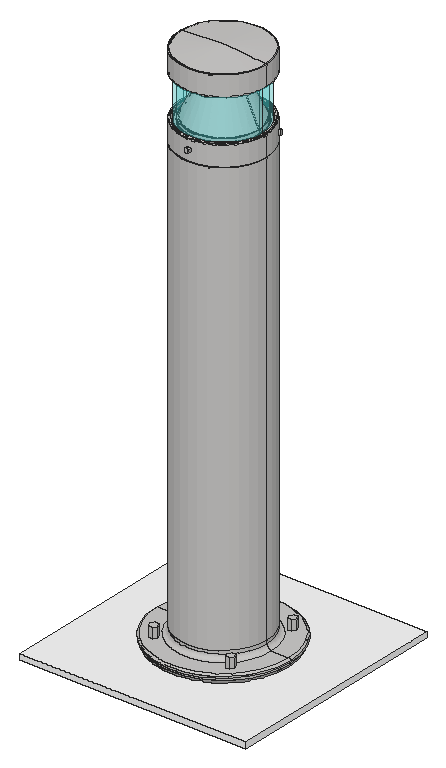
Revit family "BE_88060_de_DE", category Leuchten, Revit 2015
Parameters (values of type "BEGA_88060_K4")
  built-in parameter 1150104 = 12.102 (stored number, unit not read)
  Windangriffsfläche = ""
  Werkzeuglos = ""
  Wattage = 11.4 W
  Default Elevation = 0 mm
  built-in parameter 1150113 = 1 (stored number, unit not read)
  built-in parameter 1114218 = 1 (stored number, unit not read)
  Umgebungstemperatur = ""
  URL = "http://www.bega.de/produkt/88060"
  Typenkommentare = "© 2015 BEGA. Wir behalten uns das Recht vor, technische Änderungen ohne vorherige Ankündigung vorzunehmen."  # constant formula
  Type Image = 88060.png
  built-in parameter 1150134 = 12
  built-in parameter 1150109 = 1 (stored number, unit not read)
  Strom = ""
  built-in parameter 1150110 = 1 (stored number, unit not read)
  Spannung = 0 V
  Sonderanfertigung = no
  Seriennummer [instance] = "Hier können Sie die eindeutige Seriennummer für das Facility Management eintragen."
  Schutzklasse = "I"
  Schutzart = "IP 65"
  Scheinlast = 0 VA
  Produktdatenblatt = "http://www.bega.de/download/datenblaetter/de/88060.pdf"
  Oberflächentemperatur = ""
  Neigungswinkel = 0.00°
  Modell = "88060K4"
  Material_17 = BEGA_Reflektor
  Material_15 = BEGA_Leuchtmedium_matt
  Material_11 = BEGA_Glas_opal
  Material_09 = BEGA_Glas_klar
  Material_06 = BEGA_Oberfläche_Edelstahl_gebürstet
  M_W = no
  M_G = no
  M_A = no
  Logo = 0
  built-in parameter 1114217 = 1 (stored number, unit not read)
  built-in parameter 1150139 = (empty or 0)
  built-in parameter 1150105 = 118.17 (stored number, unit not read)
  built-in parameter 1150114 = 1 (stored number, unit not read)
  Lumens = 1484.96 lm
  built-in parameter 1150115 = 1 (stored number, unit not read)
  Leuchtenlichtstrom = "685 lm"
  Leuchtenanzahl = ""
  Lebensdauerkriterien = "L70 = 50.000 h"
  Lastklassifizierung = Beleuchtung
  built-in parameter 1150112 = 1 (stored number, unit not read)
  Lampenlichtstrom = "1485 lm"
  Lampe = "LED 11.4 W"
  LED_Modulbezeichnung = "LED-0382/840"
  built-in parameter 1150142 = (empty or 0)
  Hersteller = "BEGA"  # constant formula
  Halbstreuwinkel = ""
  Gewicht = "12.0 kg"
  Gebrauchslageneinschränkung [instance] = ""
  Frequenz = "0/50-60 Hz"
  Farbwiedergabeindex = "Ra > 80"
  Farbtemperaturverschiebung bei Dämpfen der Lampe = <Keine Auswahl>
  Farbtemperatur = "4000 K"
  Color Filter = 16777215
  Erdstücklänge_E = ""
  Erdstück [instance] = no
  built-in parameter 1150133 = 10 (stored number, unit not read)
  Energieeffizienzklasse = "LED A++ - A"
  Einstecktiefe = ""
  built-in parameter 1150137 = (empty or 0)
  built-in parameter 1150132 = (empty or 0)
  Einbau_in_Wärmedämmung = ""
  ENEC = ""
  Datei für fotometrisches Netz = "BE_88060K4.IES"
  CE_Konformität = "ja"
  Bestellnummer_Erdstück [instance] = if(Erdstück, "70896", "---")  # "---"
  Bestellnummer = "88060K4"
  Beschreibung_Sonderanfertigung = "Hier können Sie Informationen zur Sonderanfertigung eintragen."
  Beschreibung = "Pollerleuchte"
  built-in parameter 1150106 = 1.1817 (stored number, unit not read)
  Belastbarkeit [instance] = ""
  Befestigungsbohrung = ""
  Befestigungsabstand = ""
  Ballwurfsicher = ""
  BEGA_Intern_aus = yes
  BEGA_Intern_an = yes
  BEGA_Intern_Konstruktion = yes
  BEGA_Intern = yes
  BEGA_IES3 = yes
  BEGA_IES2 = yes
  BEGA_IES1 = yes
  BEGA_IES = yes
  BEGA_Dummy = no
  Anschlussleitung = ""
  Anschlussleistung [instance] = "13.5 W"
  built-in parameter 1150107 = 4000 (stored number, unit not read)
  built-in parameter 1150102 = (empty or 0)
  built-in parameter 1150138 = (empty or 0)
  Aktualisierung = "2016-02-24T04:08:56"
  Abstand_zur_angestrahlten_Fläche [instance] = ""
  AC/DC = "AC/DC"
Types (3, lengths in mm): name | built-in parameter 1150104 | built-in parameter 1150134 | Modell | built-in parameter 1150105 | Lumens | Leuchtenlichtstrom | Lampenlichtstrom | LED_Modulbezeichnung | Farbtemperatur | Datei für fotometrisches Netz | Bestellnummer | built-in parameter 1150106 | built-in parameter 1150107
  (no name) | 12.102 (stored number, unit not read) | 12 | "88060K4" | 118.17 (stored number, unit not read) | 1484.96 lm | "685 lm" | "1485 lm" | "LED-0382/840" | "4000 K" | "BE_88060K4.IES" | "88060K4" | 1.1817 (stored number, unit not read) | 4000 (stored number, unit not read)
  BEGA_88060_K3 | 11.409 (stored number, unit not read) | (empty or 0) | "88060" | 111.41 (stored number, unit not read) | 1400.03 lm | "646 lm" | "1400 lm" | "LED-0382/830" | "3000 K" | "BE_88060.IES" | "88060" | 1.1141 (stored number, unit not read) | 3000 (stored number, unit not read)
  BEGA_88060_K4 | 12.102 (stored number, unit not read) | 12 | "88060K4" | 118.17 (stored number, unit not read) | 1484.96 lm | "685 lm" | "1485 lm" | "LED-0382/840" | "4000 K" | "BE_88060K4.IES" | "88060K4" | 1.1817 (stored number, unit not read) | 4000 (stored number, unit not read)
Reference planes
  plane 1 "Mitte (Vorne/Hinten)": y = 0
  plane 2: z = 0
  plane 3 "Mitte (Links/Rechts)": x = 0
  plane 4 "Links": x = -119.5
  plane 5 "Rechts": x = 119.5
  plane 6 "Unten": y = -119.5
  plane 7 "Oben": y = 119.5
  plane 8 "Vorne": z = 949.789
Forms (mm)
  Extrusion 1, solid, material "BEGA_Platte_Weiss"
    sketch origin (0, -1119.2, 0) x (1, 0, 0) y (0, 1, 0)
      loop
        line (-200, 1319.2) -> (-200, 919.2) -> (200, 919.2) -> (200, 1319.2) -> (-200, 1319.2)
    from 0 to -10
  Extrusion 2, solid, material "BEGA_Dummy_matt", visible <- "BEGA_Dummy"
    sketch origin (77.149, -76.023, 0) x (1, 0, 0) y (0, 1, 0)
      loop
        circle (-77.149, 76.023) r 119.5
    from 0 to 949.789
Dimensions and locks
  plane 1 "Mitte (Vorne/Hinten)" to Extrusion 1 = 200 mm
  aligned and locked: plane 2 to Extrusion 1
  aligned and locked: level to Extrusion 1
Nested families
  nested 1: "BE_88060" at (0, 0, 0), type "BE_88060"
Connectors
  electrical at (0, 0, 0), driven by "Lastklassifizierung", driven by "Spannung", driven by "Scheinlast"
    settings: index 1, voltage 0 V, apparent load 0 VA, apparent load phase1 0 VA, apparent load phase2 0 VA, apparent load phase3 0 VA, power factor 1, load classification "Beleuchtung", number of poles 1, system type 31, power factor state 1, is connector primary yes, connector utility no, sub classification motor no, connector description ""
Definition of nested family "BE_88060"
  Parameters (values of type "BE_88060")
    Default Elevation = 1 mm
    URL = "http://www.bega.de/de/produkt"
    Type Comments = "© 2015 BEGA. Wir behalten uns das Recht vor, technische Änderungen ohne vorherige Ankündigung vorzunehmen. "  # constant formula
    Type Image = (empty or 0)
    Material_17 = none
    Material_15 = none
    Material_11 = none
    Material_09 = none
    Material_06 = none
    Material_03 = none
    Material_02 = none
    Material_01 = none
    M_W = yes
    M_G = yes
    M_A = yes
    Länge_Platte = 200 mm  # constant formula
    Höhe_Platte = -10 mm  # constant formula
    Manufacturer = "BEGA"  # constant formula
    Breite_Platte = 200 mm  # constant formula
  Reference planes
    plane 1 "Mitte (Oben/Unten)": y = 0
    plane 2: z = 0
    plane 3 "Mitte (Links/Rechts)": x = 0
    plane 4 "Hinten": z = 949.789
    plane 5 "Links": x = -119.5
    plane 6: x = 119.5
    plane 7: y = 119.5
    plane 8: y = -119.5
  Forms (mm)
    Extrusion 1, solid, detail levels medium
      sketch origin (0, 0, 0) x (1, 0, 0) y (0, 1, 0)
        loop
          line (-100, 100) -> (-100, -100) -> (100, -100) -> (100, 100) -> (-100, 100)
      from 0 to -10 <- "Höhe_Platte"
    Revolve 2, solid, material <- "Material_06", detail levels medium+fine
      sketch origin (0, 0, 0) x (1, 0, 0) y (0, 0, 1)
        loop
          line (-117, 10.5) -> (-117, 5.498)
          arc (-117, 5.498) -> (-115.445, 1.666) -> (-111.661, 0) r 5.5
          line (-111.661, 0) -> (-37.36, 0)
          arc (-37.36, 0) -> (-35.637, 0.343) -> (-34.178, 1.318) r 4.5
          line (-34.178, 1.318) -> (-31.095, 4.405)
          arc (-31.095, 4.405) -> (-30.445, 4.844) -> (-29.676, 5) r 2
          line (-29.676, 5) -> (-20, 5) -> (-20, 7.5) -> (-29.681, 7.5)
          arc (-29.681, 7.5) -> (-31.387, 7.16) -> (-32.837, 6.198) r 4.5
          line (-32.837, 6.198) -> (-35.95, 3.086)
          arc (-35.95, 3.086) -> (-36.597, 2.653) -> (-37.36, 2.5) r 2
          line (-37.36, 2.5) -> (-111.385, 2.5)
          arc (-111.385, 2.5) -> (-113.58, 3.338) -> (-114.5, 5.5) r 3
          line (-114.5, 5.5) -> (-114.5, 10.5) -> (-117, 10.5)
        axis (0, 10.5) -> (0, 0)
      angle from 0 to 360
    Revolve 3, solid, material <- "Material_06", detail levels medium+fine
      sketch origin (0, 0, 0) x (1, 0, 0) y (0, 0, 1)
        loop
          line (-119.5, 10.5) -> (-84.995, 10.5)
          arc (-84.995, 10.5) -> (-75.223, 14.475) -> (-71, 24.142) r 14
          line (-71, 24.142) -> (-71, 60.5) -> (-74, 60.5) -> (-74, 30.5) -> (-76.504, 30.5) -> (-76.504, 24.5)
          arc (-76.504, 24.5) -> (-78.993, 18.49) -> (-85.004, 16) r 8.5
          line (-85.004, 16) -> (-116.5, 16) -> (-119.5, 13) -> (-119.5, 10.5)
        axis (0, 60.5) -> (0, 10.5)
      angle from 0 to 360
    Revolve 4, solid, material <- "Material_06", detail levels medium+fine
      sketch origin (0, 0, 0) x (1, 0, 0) y (0, 0, 1)
        loop
          line (-77, 795.5) -> (-77, 30.5) -> (-75, 30.5) -> (-75, 795.5) -> (-77, 795.5)
        axis (0, 30.5) -> (0, 795.5)
      angle from 0 to 360
    Revolve 5, solid, material <- "Material_06", detail levels medium+fine
      sketch origin (0, 0, 0) x (1, 0, 0) y (0, 0, 1)
        loop
          line (-75.75, 795.5) -> (-74.8, 795.5) -> (-74.8, 792.057) -> (-73.5, 792.057) -> (-73.5, 807.5) -> (-74.8, 807.5) -> (-74.8, 797.5) -> (-75.75, 797.5) -> (-75.75, 795.5)
        axis (0, 792.057) -> (0, 807.5)
      angle from 0 to 360
    Revolve 6, solid, material <- "Material_06", detail levels medium+fine
      sketch origin (0, 0, 0) x (1, 0, 0) y (0, 0, 1)
        loop
          line (-77, 832.246) -> (-77, 797.5) -> (-75, 797.5) -> (-75, 832.25)
          arc (-75, 832.25) -> (-74.78, 832.78) -> (-74.25, 833) r 0.75
          arc (-74.25, 833) -> (-73.72, 832.78) -> (-73.5, 832.25) r 0.75
          line (-73.5, 832.25) -> (-73.5, 830)
          arc (-73.5, 830) -> (-72.621, 827.879) -> (-70.5, 827) r 3
          line (-70.5, 827) -> (-65.5, 827)
          arc (-65.5, 827) -> (-63.379, 827.879) -> (-62.5, 830) r 3
          line (-62.5, 830) -> (-62.5, 835.5) -> (-64.5, 835.5) -> (-64.5, 830)
          arc (-64.5, 830) -> (-64.793, 829.293) -> (-65.5, 829) r 1
          line (-65.5, 829) -> (-70.5, 829)
          arc (-70.5, 829) -> (-71.207, 829.293) -> (-71.5, 830) r 1
          line (-71.5, 830) -> (-71.5, 832.259)
          arc (-71.5, 832.259) -> (-71.663, 833.184) -> (-72.129, 834) r 2.75
          line (-72.129, 834) -> (-76.84, 833.169)
          arc (-76.84, 833.169) -> (-76.96, 832.715) -> (-77, 832.246) r 2.75
        axis (0, 797.5) -> (0, 835.5)
      angle from 0 to 360
    Revolve 7, solid, material <- "Material_06", detail levels medium+fine
      sketch origin (0, 0, 0) x (1, 0, 0) y (0, 0, 1)
        loop
          line (-62.5, 905.5) -> (-62.5, 911)
          arc (-62.5, 911) -> (-63.379, 913.121) -> (-65.5, 914) r 3
          line (-65.5, 914) -> (-70.5, 914)
          arc (-70.5, 914) -> (-72.621, 913.121) -> (-73.5, 911) r 3
          line (-73.5, 911) -> (-73.5, 908.75)
          arc (-73.5, 908.75) -> (-74.302, 907.948) -> (-75.104, 908.75) r 0.802
          line (-75.104, 908.75) -> (-74.704, 941.5) -> (-75.5, 941.5) -> (-75.5, 943.5) -> (-77, 943.5) -> (-77, 908.742)
          arc (-77, 908.742) -> (-76.96, 908.28) -> (-76.842, 907.831) r 2.75
          line (-76.842, 907.831) -> (-72.126, 907)
          arc (-72.126, 907) -> (-71.661, 907.818) -> (-71.5, 908.746) r 2.75
          line (-71.5, 908.746) -> (-71.5, 911)
          arc (-71.5, 911) -> (-71.207, 911.707) -> (-70.5, 912) r 1
          line (-70.5, 912) -> (-65.5, 912)
          arc (-65.5, 912) -> (-64.793, 911.707) -> (-64.5, 911) r 1
          line (-64.5, 911) -> (-64.5, 905.5) -> (-62.5, 905.5)
        axis (0, 905.5) -> (0, 943.5)
      angle from 0 to 360
    Revolve 8, solid, material <- "Material_06", detail levels medium+fine
      sketch origin (0, 0, 0) x (1, 0, 0) y (0, 0, 1)
        loop
          line (-75.5, 941.5) -> (0, 946.779) -> (0, 949.787) -> (-75.5, 944.507) -> (-75.5, 941.5)
        axis (0, 949.787) -> (0, 941.5)
      angle from 0 to 360
    Revolve 9, solid, material <- "Material_17", detail levels medium+fine
      sketch origin (0, 0, 0) x (1, 0, 0) y (0, 0, 1)
        loop
          line (-63, 827) -> (-74.5, 827) -> (-74.5, 825) -> (-63, 825)
          arc (-63, 825) -> (-60.879, 825.879) -> (-60, 828) r 3
          line (-60, 828) -> (-60, 835.2) -> (-25.25, 907.567) -> (-26.749, 909.066) -> (-62, 835.655) -> (-62, 828)
          arc (-62, 828) -> (-62.293, 827.293) -> (-63, 827) r 1
        axis (0, 825) -> (0, 909.066)
      angle from 0 to 360
    Revolve 10, solid, material <- "Material_17", detail levels medium+fine
      sketch origin (0, 0, 0) x (1, 0, 0) y (0, 0, 1)
        loop
          line (-26.5, 909) -> (-25.397, 909) -> (-25.397, 904) -> (-24.5, 904) -> (-24.5, 907.972)
          arc (-24.5, 907.972) -> (-15.555, 917.134) -> (-10.01, 928.675) r 39.5
          line (-10.01, 928.675) -> (-9.722, 936.93) -> (-11.721, 937) -> (-12, 929)
          arc (-12, 929) -> (-17.556, 917.772) -> (-26.5, 909) r 37.5
        axis (0, 904) -> (0, 937)
      angle from 0 to 360
    Revolve 11, solid, material <- "Material_17", detail levels medium+fine
      sketch origin (0, 0, 0) x (1, 0, 0) y (0, 0, 1)
        loop
          line (-61.569, 910.191) -> (-61.733, 905.5) -> (-64.25, 905.5) -> (-64.25, 904.699) -> (-62.5, 904.699)
          arc (-62.5, 904.699) -> (-61.608, 905.059) -> (-61.216, 905.936) r 1.285
          line (-61.216, 905.936) -> (-61.075, 910)
          arc (-61.075, 910) -> (-47.02, 923.598) -> (-30.588, 934.2) r 100
          line (-30.588, 934.2) -> (-23, 934.2) -> (-23, 935) -> (-30.119, 935)
          arc (-30.119, 935) -> (-47.093, 924.178) -> (-61.569, 910.191) r 100.5
        axis (0, 904.699) -> (0, 935)
      angle from 0 to 360
    Revolve 12, solid, material <- "Material_09", detail levels medium+fine
      sketch origin (0, 0, 0) x (1, 0, 0) y (0, 0, 1)
        loop
          line (-65, 829) -> (-65, 912) -> (-70, 912) -> (-70, 829) -> (-65, 829)
        axis (0, 829) -> (0, 912)
      angle from 0 to 360
    Revolve 13, solid, material <- "Material_15", detail levels medium+fine
      sketch origin (0, 0, 0) x (1, 0, 0) y (0, 0, 1)
        loop
          line (-19.409, 936.214) -> (-19.409, 935.39) -> (-11.978, 935.39) -> (-11.978, 936.214) -> (-19.409, 936.214)
        axis (0, 936.214) -> (0, 935.214)
      angle from 0 to 360
    Revolve 14, solid, material <- "Material_06", detail levels fine
      sketch origin (0, 0, 0) x (0, 1, 0) y (0, 0, 1)
        loop
          line (-81.157, 820) -> (-81.157, 816) -> (-76.437, 816) -> (-76.437, 820) -> (-81.157, 820)
        axis (-76.437, 816) -> (-81.157, 816)
      angle from 0 to 360
    Revolve 15, solid, material <- "Material_06", detail levels fine
      sketch origin (0, 0, 0) x (-0.866025, -0.5, 0) y (0, 0, 1)
        loop
          line (-81.157, 820) -> (-81.157, 816) -> (-76.437, 816) -> (-76.437, 820) -> (-81.157, 820)
        axis (-76.437, 816) -> (-81.157, 816)
      angle from 0 to 360
    Revolve 16, solid, material <- "Material_06", detail levels fine
      sketch origin (0, 0, 0) x (0.866025, -0.5, 0) y (0, 0, 1)
        loop
          line (-81.157, 820) -> (-81.157, 816) -> (-76.437, 816) -> (-76.437, 820) -> (-81.157, 820)
        axis (-76.437, 816) -> (-81.157, 816)
      angle from 0 to 360
    Extrusion 17, solid, material <- "Material_06", detail levels fine
      sketch origin (0, 0, 0) x (1, 0, 0) y (0, 1, 0)
        loop
          line (-72.342, -62.089) -> (-76.095, -68.589) -> (-72.342, -75.089) -> (-64.837, -75.089) -> (-61.084, -68.589) -> (-64.837, -62.089) -> (-72.342, -62.089)
        loop
          line (64.837, -62.089) -> (61.084, -68.589) -> (64.837, -75.089) -> (72.342, -75.089) -> (76.095, -68.589) -> (72.342, -62.089) -> (64.837, -62.089)
        loop
          line (-72.342, 62.089) -> (-64.837, 62.089) -> (-61.084, 68.589) -> (-64.837, 75.089) -> (-72.342, 75.089) -> (-76.095, 68.589) -> (-72.342, 62.089)
        loop
          line (64.837, 62.089) -> (72.342, 62.089) -> (76.095, 68.589) -> (72.342, 75.089) -> (64.837, 75.089) -> (61.084, 68.589) -> (64.837, 62.089)
      from 16 to 34
    Extrusion 18, void
      sketch origin (0, 0, 0) x (1, 0, 0) y (0, 1, 0)
        loop
          circle (-100, 0) r 5.5
        loop
          circle (0, 100) r 5.5
        loop
          circle (100, 0) r 5.5
        loop
          circle (0, -100) r 5.5
        loop
          circle (-57.158, -33) r 4.5
        loop
          circle (57.158, -33) r 4.5
        loop
          circle (0, 66) r 4.5
      from 0 to 5.5
  Cuts and joins
    Extrusion 18 cuts Revolve 2
    Extrusion 18 cuts Revolve 3
  Dimensions and locks
    equal spacing: Extrusion 1 sketch curve, plane 3 "Mitte (Links/Rechts)", Extrusion 1 sketch curve
    equal spacing: Extrusion 1 sketch curve, plane 1 "Mitte (Oben/Unten)", Extrusion 1 sketch curve
    "Länge_Platte": Extrusion 1 sketch curve to Extrusion 1 sketch curve
    "Breite_Platte": Extrusion 1 sketch curve to Extrusion 1 sketch curve
    aligned and locked: plane 2 to Extrusion 1
    aligned and locked: level to Extrusion 1
  Automatic sketch dimensions
    Revolve 2 sketch curve to Revolve 2 sketch curve = 0 mm  (x10)
    Revolve 2 sketch curve to plane 3 "Mitte (Links/Rechts)" = 0 mm
    Revolve 2 sketch curve to plane 3 "Mitte (Links/Rechts)" = 20 mm
    Revolve 2 sketch curve to Revolve 2 sketch curve = 0.004 mm  (x2)
    Revolve 2 sketch curve to Revolve 2 sketch curve = 0.005 mm  (x2)
    level to Revolve 2 sketch curve = 4.405 mm
    Revolve 2 sketch curve to Revolve 2 sketch curve = 1.42 mm
    Revolve 2 sketch curve to Revolve 2 sketch curve = 1.742 mm
    Revolve 2 sketch curve to level = 0 mm
    Revolve 2 sketch curve to Revolve 2 sketch curve = 6.264 mm
    level to Revolve 2 sketch curve = 5.498 mm
    Revolve 2 sketch curve to Revolve 2 sketch curve = 74.136 mm
    Revolve 2 sketch curve to Revolve 2 sketch curve = 0.161 mm
    Revolve 2 sketch curve to Revolve 2 sketch curve = 2.5 mm
    level to Revolve 2 sketch curve = 2.5 mm
    Revolve 2 sketch curve to Revolve 2 sketch curve = 2 mm
    Revolve 2 sketch curve to Revolve 2 sketch curve = 0.002 mm  (x2)
    Revolve 2 sketch curve to Revolve 2 sketch curve = 5.002 mm
    level to Revolve 2 sketch curve = 1.318 mm  (x2)
    level to Revolve 2 sketch curve = 3.086 mm
    Revolve 2 sketch curve to Revolve 2 sketch curve = 1.41 mm
    Revolve 2 sketch curve to Revolve 2 sketch curve = 0.276 mm
    Revolve 2 sketch curve to level = 7.5 mm
    Revolve 2 sketch curve to Revolve 2 sketch curve = 25 mm
    Revolve 2 sketch curve to Revolve 2 sketch curve = 1.405 mm
    Revolve 2 sketch curve to Revolve 2 sketch curve = 1.793 mm
    Revolve 2 sketch curve to Revolve 2 sketch curve = 9.672 mm
    Revolve 3 sketch curve to plane 3 "Mitte (Links/Rechts)" = 0 mm
    Revolve 3 sketch curve to plane 3 "Mitte (Links/Rechts)" = 71 mm
    Revolve 3 sketch curve to Revolve 3 sketch curve = 3 mm  (x3)
    Revolve 3 sketch curve to Revolve 3 sketch curve = 2.504 mm
    Revolve 3 sketch curve to Revolve 3 sketch curve = 8.492 mm
    Revolve 3 sketch curve to Revolve 3 sketch curve = 0.008 mm
    level to Revolve 3 sketch curve = 16 mm
    Revolve 3 sketch curve to Revolve 3 sketch curve = 31.496 mm
    Revolve 3 sketch curve to Revolve 3 sketch curve = 2.5 mm
    Revolve 3 sketch curve to Revolve 3 sketch curve = 0.358 mm
    Revolve 3 sketch curve to Revolve 3 sketch curve = 6 mm
    Revolve 3 sketch curve to Revolve 3 sketch curve = 30 mm
    level to Revolve 3 sketch curve = 37.562 mm
    Revolve 3 sketch curve to Revolve 3 sketch curve = 15 mm
    Revolve 4 sketch curve to plane 3 "Mitte (Links/Rechts)" = 0 mm
    level to Revolve 4 sketch curve = 30.5 mm
    Revolve 4 sketch curve to plane 3 "Mitte (Links/Rechts)" = 75 mm
    Revolve 4 sketch curve to Revolve 4 sketch curve = 2 mm
    Revolve 4 sketch curve to level = 49.5 mm
    Revolve 5 sketch curve to plane 3 "Mitte (Links/Rechts)" = 0 mm
    Revolve 5 sketch curve to plane 3 "Mitte (Links/Rechts)" = 73.5 mm
    Revolve 5 sketch curve to Revolve 5 sketch curve = 1.3 mm
    Revolve 5 sketch curve to Revolve 5 sketch curve = 0 mm
    Revolve 5 sketch curve to Revolve 5 sketch curve = 0.95 mm
    Revolve 5 sketch curve to Revolve 5 sketch curve = 3.443 mm
    Revolve 5 sketch curve to Revolve 5 sketch curve = 2 mm
    Revolve 5 sketch curve to Revolve 5 sketch curve = 10 mm
    Revolve 5 sketch curve to Revolve 5 sketch curve = 10.871 mm
    Revolve 5 sketch curve to Revolve 5 sketch curve = 35 mm
    Revolve 6 sketch curve to Revolve 6 sketch curve = 0 mm  (x31)
    Revolve 6 sketch curve to plane 3 "Mitte (Links/Rechts)" = 0 mm
    Revolve 6 sketch curve to plane 3 "Mitte (Links/Rechts)" = 62.5 mm
    Revolve 6 sketch curve to Revolve 6 sketch curve = 2 mm  (x2)
    Revolve 6 sketch curve to Revolve 6 sketch curve = 1 mm  (x2)
    Revolve 6 sketch curve to Revolve 6 sketch curve = 5 mm
    Revolve 6 sketch curve to Revolve 6 sketch curve = 0.629 mm
    Revolve 6 sketch curve to Revolve 6 sketch curve = 2.75 mm
    Revolve 6 sketch curve to Revolve 6 sketch curve = 4.5 mm
    Revolve 6 sketch curve to Revolve 6 sketch curve = 1.84 mm
    Revolve 6 sketch curve to Revolve 6 sketch curve = 0.16 mm
    Revolve 6 sketch curve to Revolve 6 sketch curve = 31.5 mm
    Revolve 6 sketch curve to Revolve 6 sketch curve = 2.246 mm
    Revolve 6 sketch curve to Revolve 6 sketch curve = 0.004 mm
    Revolve 6 sketch curve to Revolve 6 sketch curve = 2.258 mm
    Revolve 6 sketch curve to Revolve 6 sketch curve = 5.5 mm
    Revolve 6 sketch curve to Revolve 6 sketch curve = 25 mm
    Revolve 6 sketch curve to Revolve 6 sketch curve = 60 mm
    Revolve 7 sketch curve to plane 3 "Mitte (Links/Rechts)" = 0 mm
    Revolve 7 sketch curve to plane 3 "Mitte (Links/Rechts)" = 62.5 mm
    Revolve 7 sketch curve to Revolve 7 sketch curve = 2 mm  (x3)
    Revolve 7 sketch curve to Revolve 7 sketch curve = 1 mm  (x2)
    Revolve 7 sketch curve to Revolve 7 sketch curve = 0 mm  (x17)
    Revolve 7 sketch curve to Revolve 7 sketch curve = 5 mm  (x2)
    Revolve 7 sketch curve to Revolve 7 sketch curve = 0.626 mm
    Revolve 7 sketch curve to Revolve 7 sketch curve = 0.75 mm
    Revolve 7 sketch curve to Revolve 7 sketch curve = 0.052 mm
    Revolve 7 sketch curve to Revolve 7 sketch curve = 4.204 mm
    Revolve 7 sketch curve to Revolve 7 sketch curve = 0.796 mm
    Revolve 7 sketch curve to Revolve 7 sketch curve = 1.738 mm
    Revolve 7 sketch curve to Revolve 7 sketch curve = 1.5 mm
    Revolve 7 sketch curve to Revolve 7 sketch curve = 1.499 mm
    Revolve 7 sketch curve to Revolve 7 sketch curve = 0.915 mm
    Revolve 7 sketch curve to Revolve 7 sketch curve = 0.911 mm
    Revolve 7 sketch curve to Revolve 7 sketch curve = 5.5 mm
    Revolve 7 sketch curve to Revolve 7 sketch curve = 29.5 mm
    Revolve 7 sketch curve to Revolve 7 sketch curve = 45 mm
    Revolve 8 sketch curve to plane 3 "Mitte (Links/Rechts)" = 0 mm  (x2)
    Revolve 8 sketch curve to plane 3 "Mitte (Links/Rechts)" = 75.5 mm
    Revolve 8 sketch curve to Revolve 8 sketch curve = 3.007 mm  (x2)
    Revolve 8 sketch curve to Revolve 8 sketch curve = 2.272 mm
    Revolve 8 sketch curve to Revolve 8 sketch curve = 14.059 mm
    Revolve 8 sketch curve to Revolve 8 sketch curve = 17.125 mm
    Revolve 9 sketch curve to Revolve 9 sketch curve = 0 mm  (x8)
    Revolve 9 sketch curve to plane 3 "Mitte (Links/Rechts)" = 0 mm
    Revolve 9 sketch curve to plane 3 "Mitte (Links/Rechts)" = 25.25 mm
    Revolve 9 sketch curve to Revolve 9 sketch curve = 1.499 mm  (x2)
    Revolve 9 sketch curve to plane 3 "Mitte (Links/Rechts)" = 60 mm
    Revolve 9 sketch curve to Revolve 9 sketch curve = 2 mm  (x2)
    Revolve 9 sketch curve to Revolve 9 sketch curve = 1 mm
    Revolve 9 sketch curve to Revolve 9 sketch curve = 11.5 mm
    Revolve 9 sketch curve to Revolve 9 sketch curve = 7.2 mm
    Revolve 9 sketch curve to Revolve 9 sketch curve = 0.455 mm
    Revolve 9 sketch curve to Revolve 9 sketch curve = 72.367 mm
    Revolve 9 sketch curve to Revolve 9 sketch curve = 3.201 mm
    Revolve 9 sketch curve to Revolve 9 sketch curve = 14.242 mm
    Revolve 10 sketch curve to Revolve 10 sketch curve = 0 mm  (x3)
    Revolve 10 sketch curve to plane 3 "Mitte (Links/Rechts)" = 0 mm
    Revolve 10 sketch curve to plane 3 "Mitte (Links/Rechts)" = 9.722 mm
    Revolve 10 sketch curve to Revolve 10 sketch curve = 1.999 mm
    Revolve 10 sketch curve to Revolve 10 sketch curve = 0.279 mm
    Revolve 10 sketch curve to plane 3 "Mitte (Links/Rechts)" = 24.5 mm
    Revolve 10 sketch curve to Revolve 10 sketch curve = 0.897 mm
    Revolve 10 sketch curve to Revolve 10 sketch curve = 1.103 mm
    Revolve 10 sketch curve to Revolve 10 sketch curve = 36.196 mm
    Revolve 10 sketch curve to Revolve 10 sketch curve = 3.972 mm
    Revolve 10 sketch curve to Revolve 10 sketch curve = 1.028 mm
    Revolve 10 sketch curve to Revolve 10 sketch curve = 20 mm
    Revolve 10 sketch curve to Revolve 10 sketch curve = 7.93 mm
    Revolve 10 sketch curve to Revolve 10 sketch curve = 0.07 mm
    Revolve 10 sketch curve to Revolve 10 sketch curve = 1.99 mm
    Revolve 10 sketch curve to Revolve 10 sketch curve = 11.403 mm
    Revolve 10 sketch curve to Revolve 10 sketch curve = 1.391 mm
    Revolve 11 sketch curve to Revolve 11 sketch curve = 0 mm  (x3)
    Revolve 11 sketch curve to plane 3 "Mitte (Links/Rechts)" = 0 mm
    Revolve 11 sketch curve to plane 3 "Mitte (Links/Rechts)" = 23 mm
    Revolve 11 sketch curve to Revolve 11 sketch curve = 7.119 mm
    Revolve 11 sketch curve to Revolve 11 sketch curve = 0.469 mm
    Revolve 11 sketch curve to Revolve 11 sketch curve = 30.488 mm
    Revolve 11 sketch curve to Revolve 11 sketch curve = 0.141 mm
    Revolve 11 sketch curve to Revolve 11 sketch curve = 0.494 mm
    Revolve 11 sketch curve to Revolve 11 sketch curve = 0.517 mm
    Revolve 11 sketch curve to Revolve 11 sketch curve = 0.767 mm
    Revolve 11 sketch curve to Revolve 11 sketch curve = 1.75 mm
    plane 3 "Mitte (Links/Rechts)" to Revolve 11 sketch curve = 15.151 mm
    Revolve 11 sketch curve to Revolve 11 sketch curve = 59.426 mm
    Revolve 11 sketch curve to Revolve 11 sketch curve = 0.801 mm
    Revolve 11 sketch curve to Revolve 11 sketch curve = 0.436 mm
    Revolve 11 sketch curve to Revolve 11 sketch curve = 4.064 mm
    Revolve 11 sketch curve to Revolve 11 sketch curve = 0.191 mm
    Revolve 11 sketch curve to Revolve 11 sketch curve = 17.886 mm
    Revolve 11 sketch curve to Revolve 11 sketch curve = 16.314 mm
    Revolve 12 sketch curve to plane 3 "Mitte (Links/Rechts)" = 0 mm
    Revolve 12 sketch curve to plane 3 "Mitte (Links/Rechts)" = 65 mm
    Revolve 12 sketch curve to Revolve 12 sketch curve = 31.316 mm
    Revolve 12 sketch curve to Revolve 12 sketch curve = 17.106 mm
    Revolve 12 sketch curve to Revolve 12 sketch curve = 5 mm
    Revolve 12 sketch curve to Revolve 12 sketch curve = 34.578 mm
    Revolve 13 sketch curve to plane 3 "Mitte (Links/Rechts)" = 0 mm
    Revolve 13 sketch curve to plane 3 "Mitte (Links/Rechts)" = 11.978 mm
    Revolve 13 sketch curve to Revolve 13 sketch curve = 7.431 mm
    Revolve 13 sketch curve to Revolve 13 sketch curve = 0.824 mm
    Revolve 13 sketch curve to Revolve 13 sketch curve = 2.006 mm
    Revolve 13 sketch curve to Revolve 13 sketch curve = 9.765 mm
    Revolve 14 sketch curve to Revolve 14 sketch curve = 4.72 mm
    Revolve 14 sketch curve to Revolve 14 sketch curve = 4 mm
    Revolve 14 sketch curve to Revolve 14 sketch curve = 1.309 mm
    Revolve 14 sketch curve to Revolve 14 sketch curve = 2.447 mm
    Revolve 14 sketch curve to Revolve 14 sketch curve = 0 mm
    Revolve 15 sketch curve to Revolve 15 sketch curve = 4.72 mm
    Revolve 15 sketch curve to Revolve 15 sketch curve = 4 mm
    Revolve 15 sketch curve to Revolve 15 sketch curve = 1.309 mm
    Revolve 15 sketch curve to Revolve 15 sketch curve = 2.447 mm
    Revolve 15 sketch curve to Revolve 15 sketch curve = 0 mm
    Revolve 16 sketch curve to Revolve 16 sketch curve = 4.72 mm
    Revolve 16 sketch curve to Revolve 16 sketch curve = 4 mm
    Revolve 16 sketch curve to Revolve 16 sketch curve = 1.309 mm
    Revolve 16 sketch curve to Revolve 16 sketch curve = 2.447 mm
    Revolve 16 sketch curve to Revolve 16 sketch curve = 0 mm
    Extrusion 17 sketch curve to plane 3 "Mitte (Links/Rechts)" = 76.095 mm  (x2)
    Extrusion 17 sketch curve to Extrusion 17 sketch curve = 3.753 mm  (x12)
    Extrusion 17 sketch curve to Extrusion 17 sketch curve = 7.506 mm  (x8)
    plane 3 "Mitte (Links/Rechts)" to Extrusion 17 sketch curve = 61.084 mm  (x2)
    plane 1 "Mitte (Oben/Unten)" to Extrusion 17 sketch curve = 75.089 mm  (x2)
    Extrusion 17 sketch curve to Extrusion 17 sketch curve = 6.5 mm  (x12)
    Extrusion 17 sketch curve to plane 1 "Mitte (Oben/Unten)" = 62.089 mm  (x2)
    Extrusion 18 sketch curve to plane 3 "Mitte (Links/Rechts)" = 0 mm  (x3)
    Extrusion 18 sketch curve to plane 3 "Mitte (Links/Rechts)" = 57.158 mm
    Extrusion 18 sketch curve to Extrusion 18 sketch curve = 42.842 mm  (x2)
    plane 3 "Mitte (Links/Rechts)" to Extrusion 18 sketch curve = 57.158 mm
    Extrusion 18 sketch curve to Extrusion 18 sketch curve = 33 mm  (x2)
    Extrusion 18 sketch curve to Extrusion 18 sketch curve = 99 mm
    Extrusion 18 sketch curve to Extrusion 18 sketch curve = 34 mm
    Extrusion 18 sketch curve to Extrusion 18 sketch curve = 67 mm  (x2)
    Revolve 4 sketch curve to Revolve 4 sketch curve = 765 mm
    Revolve 4 sketch curve to Revolve 4 sketch curve = 340 mm
    level to Revolve 5 sketch curve = 792.057 mm
    level to Revolve 6 sketch curve = 797.5 mm
    level to Revolve 7 sketch curve = 905.5 mm
    level to Revolve 8 sketch curve = 941.5 mm
    level to Revolve 9 sketch curve = 825 mm
    level to Revolve 10 sketch curve = 904 mm
    level to Revolve 11 sketch curve = 845.273 mm
    level to Revolve 12 sketch curve = 829 mm
    level to Revolve 13 sketch curve = 935.39 mm
    plane 1 "Mitte (Oben/Unten)" to Extrusion 18 sketch curve = 0 mm
    radius of Extrusion 18 sketch curve = 5.5 mm  (x4)
    radius of Extrusion 18 sketch curve = 4.5 mm  (x3)
